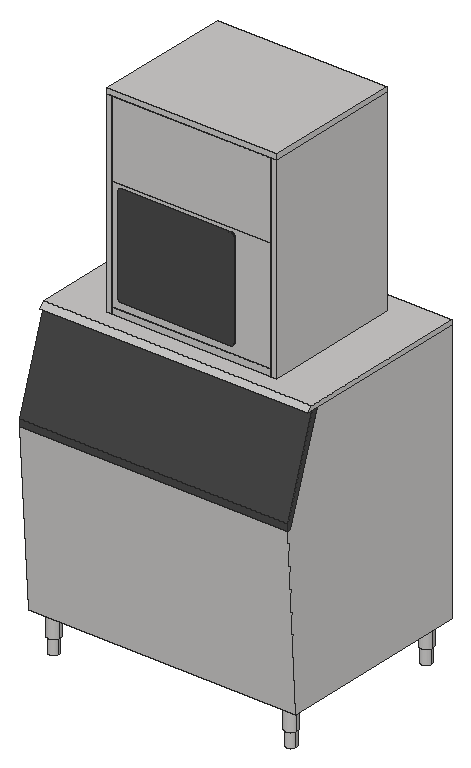
Revit family "QF_ELECTROLUXPROFESSIONAL_730294_IGF618M340SNP", category Attrezzature speciali, Revit 2018
Family settings
  Quota connettore circolare = Usa diametro
  Tipo di parte = Normale
  Basato su piano di lavoro = No
  Sempre verticale = Sì
  Taglio con vuoti quando caricato = No
  Condiviso = No
  Punto di calcolo locali = No
Parameters (values of type "Standard")
  Weight = 52.00 kg
  Watts = 1700 W
  Volts = 200 V
  URL Manufacturer = "https://www.electroluxprofessional.com/"
  URL = "https://www.electroluxprofessional.com/"
  Steam Supply Size = 0 mm
  Steam Supply Minimum Pressure = 0.0 Pa
  Steam Supply Maximum Pressure = 0.0 Pa
  Steam Pounds per Hour = 0
  Show Logo [instance] = yes
  Show Clearance [instance] = yes
  Refrigeration Suction Line Size = 0 mm
  Refrigeration Liquid Line Size = 0 mm
  Refrigerant Compressor Remote = yes
  Produttore = "Electrolux Professional"
  Phase = 1
  Modello = "IGF618M340SNP"
  Length Actual = 762 mm  # constant formula
  Item Number = "730294"
  Hot Water Size = 0 mm
  Height Actual = 1972 mm  # constant formula
  HP = "2.3 HP"
  Gas Size = 0 mm
  Gas KW = 0
  Gas Input Pressure = 0 W
  Descrizione = "WATER COOLED GRANULAR ICE 618KG/24H-BIN 340KG MODULAR"
  Depth Actual = 819 mm  # constant formula
  Cycle = 50 Hz
  Condensate Return Size = 0 mm
  Compressed Air Volume = 0.0 L/s
  Compressed Air Size = 0 mm
  Compressed Air Pressure = 0.0 Pa
  Cold Water Size = 19.05 mm
  Accessory = yes
Reference planes
  plane 1 "Center X": y = 272.851
  plane 2: z = 0
  plane 3 "Center Y": x = -501.5
  plane 4: x = -264
  plane 5: z = 1252
  plane 6 "LEFT": x = -1035
  plane 7 "RIGHT": x = 32
  plane 8 "FRONT": y = -136.649
  plane 9 "BACK": y = 682.351
  plane 10: z = 153
  plane 11: z = 825
  plane 12: y = -93.649
  plane 13: z = 1224
  plane 14: y = -35.649
  plane 15: z = 1204
  plane 16: z = 2026
Forms (mm)
  Extrusion 1, solid, material "QF_Finishes_Stainless Steel"
    sketch origin (76.25, 50.5, 1224) x (1, 0, 0) y (0, 1, 0)
      loop
        line (-911.5, 547.851) -> (-911.5, -2.149) -> (-891.5, -2.149) -> (-891.5, 547.851) -> (-911.5, 547.851)
      loop
        line (-256.5, 547.851) -> (-256.5, -2.149) -> (-236.5, -2.149) -> (-236.5, 547.851) -> (-256.5, 547.851)
    from 0 to 782
  Extrusion 2, solid, material "QF_Finishes_Stainless Steel"
    sketch origin (76.25, 50.5, 1224) x (1, 0, 0) y (0, 1, 0)
      loop
        line (-891.5, 547.851) -> (-891.5, -2.149) -> (-256.5, -2.149) -> (-256.5, 547.851) -> (-891.5, 547.851)
    from 0 to 28
  Extrusion 3, solid, material "QF_Finishes_Black"
    sketch origin (-184, 48.351, 1224) x (-1, 0, 0) y (0, 0, -1)
      loop
        arc (592.5, -461.487) -> (603.107, -457.093) -> (607.5, -446.487) r 15
        line (607.5, -446.487) -> (607.5, -70.535)
        arc (607.5, -70.535) -> (603.107, -59.928) -> (592.5, -55.535) r 15
        line (592.5, -55.535) -> (156.771, -55.535)
        arc (156.771, -55.535) -> (146.165, -59.928) -> (141.771, -70.535) r 15
        line (141.771, -70.535) -> (141.771, -446.487)
        arc (141.771, -446.487) -> (146.165, -457.093) -> (156.771, -461.487) r 15
        line (156.771, -461.487) -> (592.5, -461.487)
    from 0 to 2
  Extrusion 4, solid, material "QF_Finishes_Stainless Steel"
    sketch origin (-425.25, 50.5, 1224) x (0, 1, 0) y (0, 0, 1)
      loop
        line (547.851, 28) -> (547.851, 782) -> (17.851, 782) -> (17.851, 477.028) -> (-2.149, 477.028) -> (-2.149, 28) -> (547.851, 28)
    from -390 to 245
  Extrusion 5, solid, material "QF_Finishes_Stainless Steel"
    sketch origin (-434.869, 598.351, 538.153) x (0, 0, -1) y (-1, 0, 0)
      loop
        circle (-808.847, -221.619) r 10
    from 0 to 10
  Extrusion 6, solid, material "QF_Finishes_Stainless Steel"
    sketch origin (-481.869, 598.351, 483.153) x (0, 0, -1) y (-1, 0, 0)
      loop
        circle (-808.847, -221.619) r 10
    from 0 to 10
  Extrusion 7, solid, material "QF_Finishes_Stainless Steel"
    sketch origin (-481.869, 598.351, 509.153) x (0, 0, -1) y (-1, 0, 0)
      loop
        circle (-808.847, -221.619) r 10
    from 0 to 10
  Extrusion 8, solid, material "QF_Finishes_Stainless Steel"
    sketch origin (-501.5, 0, 0) x (0, 1, 0) y (0, 0, 1)
      loop
        line (-93.649, 153) -> (682.351, 153) -> (682.351, 1204) -> (8.276, 1204) -> (-122.224, 825) -> (-136.649, 825) -> (-93.649, 153)
    from -533.5 to 533.5
  Extrusion 9, solid, material "QF_Finishes_Black"
    sketch origin (-501.5, 0, 0) x (0, 1, 0) y (0, 0, 1)
      loop
        line (-122.224, 825) -> (8.276, 1204) -> (-16.479, 1204) -> (-136.649, 855) -> (-136.649, 825) -> (-122.224, 825)
    from -533.5 to 533.5
  Extrusion 10, solid, material "QF_Finishes_Stainless Steel"
    sketch origin (-501.5, 0, 0) x (0, 1, 0) y (0, 0, 1)
      loop
        line (682.351, 1204) -> (682.351, 1224) -> (-17.149, 1224) -> (-35.649, 1204) -> (682.351, 1204)
    from -533.5 to 533.5
  Extrusion 11, solid, material "QF_Finishes_Stainless Steel"
    sketch origin (-259.902, 52.938, 153) x (1, 0, 0) y (0, -1, 0)
      loop
        circle (-241.598, -499.413) r 10
    from 0 to 10
  Extrusion 12, solid, material "QF_Finishes_Stainless Steel"
    sketch origin (76.25, 50.5, 1856) x (1, 0, 0) y (0, 1, 0)
      loop
        line (-911.5, 547.851) -> (-911.5, -2.149) -> (-236.5, -2.149) -> (-236.5, 547.851) -> (-911.5, 547.851)
    from 150 to 170
  Extrusion 13, solid, material "QF_Finishes_Stainless Steel"
    sketch origin (76.25, 50.5, 1898) x (1, 0, 0) y (0, 1, 0)
      loop
        line (-891.5, 17.851) -> (-891.5, -2.149) -> (-256.5, -2.149) -> (-256.5, 17.851) -> (-891.5, 17.851)
    from -196.972 to 108.027
Lines and regions (mm)
  Split face 1
    outline origin (-187.75, 48.351, 1898) x (-1, 0, 0) y (0, 0, -1)
      loop
        line (103.666, -89.673) -> (103.666, -44.673) -> (28.666, -44.673) -> (28.666, -89.673) -> (103.666, -89.673)
  Split face 2
    outline origin (-187.75, 48.351, 1898) x (-1, 0, 0) y (0, 0, -1)
      loop
        line (59.301, -84.13) -> (59.301, -49.93) -> (33.676, -49.93) -> (33.676, -84.13) -> (59.301, -84.13)
  symbolic lines
    curve 1: line (-835.25, 598.351, 0) -> (-160.25, 598.351, 0)
    curve 2: line (-835.25, 48.351, 0) -> (-835.25, 598.351, 0)
    curve 3: line (-160.25, 48.351, 0) -> (-835.25, 48.351, 0)
    curve 4: line (-160.25, 598.351, 0) -> (-160.25, 48.351, 0)
    curve 5: line (-1035, 682.351, 0) -> (32, 682.351, 0)
    curve 6: line (-1035, -136.649, 0) -> (-1035, 682.351, 0)
    curve 7: line (32, -136.649, 0) -> (-1035, -136.649, 0)
    curve 8: line (32, 682.351, 0) -> (32, -136.649, 0)
    curve 9: line (-1035, -35.649, 0) -> (32, -35.649, 0)
    curve 10: line (-1035, -17.149, 0) -> (32, -17.149, 0)
Dimensions and locks
  Extrusion 2 to plane 2 = 1224 mm
  equal spacing: plane 6 "LEFT", plane 3 "Center Y", plane 7 "RIGHT"
  plane 6 "LEFT" to plane 7 "RIGHT" = 1067 mm
  equal spacing: plane 9 "BACK", plane 1 "Center X", plane 8 "FRONT"
  plane 9 "BACK" to plane 8 "FRONT" = 819 mm
  locked: plane 10 to plane 2 at 153
  plane 11 to plane 10 = 672 mm
  plane 9 "BACK" to plane 12 = 776 mm
  plane 9 "BACK" to plane 14 = 718 mm  (x2)
  plane 16 to plane 13 = 802 mm
  plane 3 "Center Y" to Extrusion 12 = 333.75 mm
  aligned and locked: level to plane 2
  aligned and locked: Extrusion 2 sketch curve to Extrusion 1  (x3)
  aligned and locked: plane 5 to Extrusion 2
  aligned and locked: plane 5 to Extrusion 4 sketch curve
  aligned and locked: plane 7 "RIGHT" to Extrusion 8
  aligned and locked: Extrusion 8 to plane 6 "LEFT"
  aligned and locked: plane 7 "RIGHT" to Extrusion 9
  aligned and locked: Extrusion 9 to plane 6 "LEFT"
  aligned and locked: plane 7 "RIGHT" to Extrusion 10
  aligned and locked: Extrusion 10 to plane 6 "LEFT"
  aligned and locked: Extrusion 1 to Extrusion 12
  aligned and locked: Extrusion 4 to Extrusion 13
Automatic sketch dimensions
  plane 6 "LEFT" to Extrusion 1 sketch curve = 199.75 mm
  Extrusion 1 sketch curve to Extrusion 1 sketch curve = 20 mm  (x2)
  plane 4 to Extrusion 1 sketch curve = 83.75 mm
  Extrusion 1 sketch curve to plane 14 = 84 mm  (x2)
  Extrusion 1 sketch curve to plane 9 "BACK" = 84 mm  (x2)
  plane 4 to Extrusion 2 sketch curve = 83.75 mm
  plane 5 to Extrusion 3 sketch curve = 42.535 mm
  plane 3 "Center Y" to Extrusion 3 sketch curve = 175.729 mm
  plane 5 to Extrusion 3 sketch curve = 27.535 mm
  Extrusion 3 sketch curve to Extrusion 3 sketch curve = 15 mm  (x2)
  plane 6 "LEFT" to Extrusion 3 sketch curve = 258.5 mm  (x2)
  Extrusion 4 sketch curve to plane 14 = 84 mm
  Extrusion 4 sketch curve to Extrusion 4 sketch curve = 20 mm
  Extrusion 4 sketch curve to plane 9 "BACK" = 84 mm
  plane 5 to Extrusion 5 sketch curve = 95 mm
  plane 4 to Extrusion 5 sketch curve = 50.75 mm
  plane 5 to Extrusion 6 sketch curve = 40 mm
  plane 4 to Extrusion 6 sketch curve = 3.75 mm
  plane 5 to Extrusion 7 sketch curve = 66 mm
  plane 4 to Extrusion 7 sketch curve = 3.75 mm
  Extrusion 8 sketch curve to plane 8 "FRONT" = 0 mm
  Extrusion 8 sketch curve to plane 11 = 0 mm
  Extrusion 8 sketch curve to plane 10 = 0 mm
  Extrusion 8 sketch curve to plane 12 = 0 mm
  Extrusion 8 sketch curve to plane 15 = 0 mm
  Extrusion 8 sketch curve to plane 9 "BACK" = 0 mm
  Extrusion 8 sketch curve to Extrusion 8 sketch curve = 14.425 mm
  Extrusion 8 sketch curve to plane 14 = 43.925 mm
  Extrusion 9 sketch curve to plane 8 "FRONT" = 0 mm
  Extrusion 9 sketch curve to plane 11 = 0 mm
  Extrusion 9 sketch curve to plane 15 = 0 mm
  Extrusion 9 sketch curve to Extrusion 9 sketch curve = 14.425 mm
  Extrusion 9 sketch curve to plane 14 = 19.17 mm
  Extrusion 9 sketch curve to Extrusion 9 sketch curve = 24.755 mm
  Extrusion 9 sketch curve to Extrusion 9 sketch curve = 30 mm
  Extrusion 10 sketch curve to plane 14 = 0 mm
  Extrusion 10 sketch curve to plane 13 = 0 mm
  Extrusion 10 sketch curve to plane 9 "BACK" = 0 mm
  Extrusion 10 sketch curve to plane 15 = 0 mm
  Extrusion 10 sketch curve to plane 14 = 18.5 mm
  Extrusion 11 sketch curve to Extrusion 8 = 130 mm
  Extrusion 11 sketch curve to Extrusion 8 = 533.5 mm
  plane 6 "LEFT" to Extrusion 12 sketch curve = 199.75 mm
  plane 4 to Extrusion 12 sketch curve = 103.75 mm
  Extrusion 12 sketch curve to plane 14 = 84 mm
  Extrusion 12 sketch curve to plane 9 "BACK" = 84 mm
  plane 6 "LEFT" to Extrusion 13 sketch curve = 219.75 mm
  plane 4 to Extrusion 13 sketch curve = 83.75 mm
  Extrusion 13 sketch curve to plane 14 = 84 mm
  Extrusion 13 sketch curve to Extrusion 13 sketch curve = 20 mm
  Extrusion 4 sketch curve to plane 16 = 20 mm
  Extrusion 3 sketch curve to Extrusion 3 sketch curve = 375.952 mm
  plane 5 to Extrusion 4 sketch curve = 449.028 mm
  Split face 2 sketch curve to Extrusion 13 = 41.176 mm
  Split face 2 sketch curve to Split face 2 sketch curve = 25.625 mm
  Split face 2 sketch curve to Extrusion 13 = 23.896 mm
  Split face 2 sketch curve to Split face 2 sketch curve = 34.2 mm
  Split face 1 sketch curve to Extrusion 13 = 36.166 mm
  Split face 1 sketch curve to Split face 1 sketch curve = 75 mm
  Split face 1 sketch curve to Extrusion 13 = 18.354 mm
  Split face 1 sketch curve to Split face 1 sketch curve = 45 mm
  curve 6 to plane 6 "LEFT" = 0 mm
  curve 8 to plane 7 "RIGHT" = 0 mm
  curve 7 to plane 8 "FRONT" = 0 mm
  plane 14 to curve 9 = 0 mm
  curve 5 to plane 9 "BACK" = 0 mm
  curve 2 to plane 14 = 84 mm
  plane 6 "LEFT" to curve 2 = 199.75 mm
  plane 4 to curve 4 = 103.75 mm
  curve 1 to plane 9 "BACK" = 84 mm
  curve 10 to plane 14 = 18.5 mm
  radius of Extrusion 5 sketch curve = 10 mm
  radius of Extrusion 6 sketch curve = 10 mm
  radius of Extrusion 7 sketch curve = 10 mm
  radius of Extrusion 11 sketch curve = 10 mm
Nested families
  nested 1: "Foot_Complete" at (-975, -43.649, 0), type "Foot_Complete"
  nested 2: "Foot_Complete" at (-28, -43.649, 0) x (-1, 0, 0) z (0, 0, 1), type "Foot_Complete"
  nested 3: "Foot_Complete" at (-898.75, 632.351, 0), type "Foot_Complete"
  nested 4: "Foot_Complete" at (-28, 632.351, 0) x (-1, 0, 0) z (0, 0, 1), type "Foot_Complete"
Connectors
  electrical at (-260.25, 608.351, 1292), driven by "Volts"
    settings: on Extrusion 6, index 1, voltage 200 V, apparent load 0 VA, apparent load phase1 0 VA, apparent load phase2 0 VA, apparent load phase3 0 VA, power factor 1, load classification "Altro", number of poles 1, system type 30, power factor state 1, is connector primary yes, connector utility no, sub classification motor no, connector description "Electrical Connection"
  piping at (-213.25, 608.351, 1347), diameter 20
    settings: on Extrusion 5, index 2, connector inside diameter 609.6 mm, connector length 0 mm, flow factor 0, pipe flow 0.0 L/s, pressure drop 0.0 Pa, fitting loss kfactor 0, connector angle 0.00°, fixture units 0, engagement length 0 mm, angle of deflection 0.00°, flow configuration 0, flow direction 0, fitting loss method 0, system type 20, joint type 0, gender type 0, connector reference index -1, connector utility 0, adjustable connector no, is connector primary yes, connector description "Cold water"
  piping at (-260.25, 608.351, 1318), diameter 20
    settings: on Extrusion 7, index 3, connector inside diameter 609.6 mm, connector length 0 mm, flow factor 0, pipe flow 0.0 L/s, pressure drop 0.0 Pa, fitting loss kfactor 0, connector angle 0.00°, fixture units 0, engagement length 0 mm, angle of deflection 0.00°, flow configuration 0, flow direction 0, fitting loss method 0, system type 16, joint type 0, gender type 0, connector reference index -1, connector utility 0, adjustable connector no, is connector primary no, connector description "Drain"
  piping at (-501.5, 552.351, 143), diameter 20
    settings: on Extrusion 11, index 4, connector inside diameter 609.6 mm, connector length 0 mm, flow factor 0, pipe flow 0.0 L/s, pressure drop 0.0 Pa, fitting loss kfactor 0, connector angle 0.00°, fixture units 0, engagement length 0 mm, angle of deflection 0.00°, flow configuration 0, flow direction 0, fitting loss method 0, system type 16, joint type 0, gender type 0, connector reference index -1, connector utility 0, adjustable connector no, is connector primary no, connector description "Drain"
Definition of nested family "Foot_Complete"
  Parameters (values of type "Foot_Complete")
    R = 25 mm
    H = 153 mm
  Reference planes
    plane 1 "Centro (Fronte/Retro)": y = 0
    plane 2: z = 0
    plane 3 "Centro (Sinistra/Destra)": x = 0
    plane 4: z = 153
  Forms (mm)
    Revolve 1, solid
      sketch origin (255.05, 0, 608.09) x (0, 0, 1) y (-1, 0, 0)
        loop
          line (-608.09, 255.05) -> (-608.09, 235.05) -> (-548.09, 235.05) -> (-548.09, 230.05) -> (-455.09, 230.05) -> (-455.09, 255.05) -> (-608.09, 255.05)
        axis (-608.09, 255.05) -> (-455.09, 255.05)
      angle from 0 to 360
  Dimensions and locks
    level to Revolve 1 sketch curve = 60 mm
    "R": Revolve 1 sketch curve to plane 3 "Centro (Sinistra/Destra)"
    "H": plane 4 to level
    aligned and locked: level to plane 2
    aligned and locked: plane 4 to Revolve 1 sketch curve
    aligned and locked: Revolve 1 sketch curve to level
    aligned and locked: plane 3 "Centro (Sinistra/Destra)" to Revolve 1 sketch curve
  Automatic sketch dimensions
    Revolve 1 sketch curve to plane 3 "Centro (Sinistra/Destra)" = 0 mm
    plane 3 "Centro (Sinistra/Destra)" to Revolve 1 sketch curve = 20 mm
    Revolve 1 sketch curve to Revolve 1 sketch curve = 50 mm
    Revolve 1 sketch curve to Revolve 1 sketch curve = 20 mm
